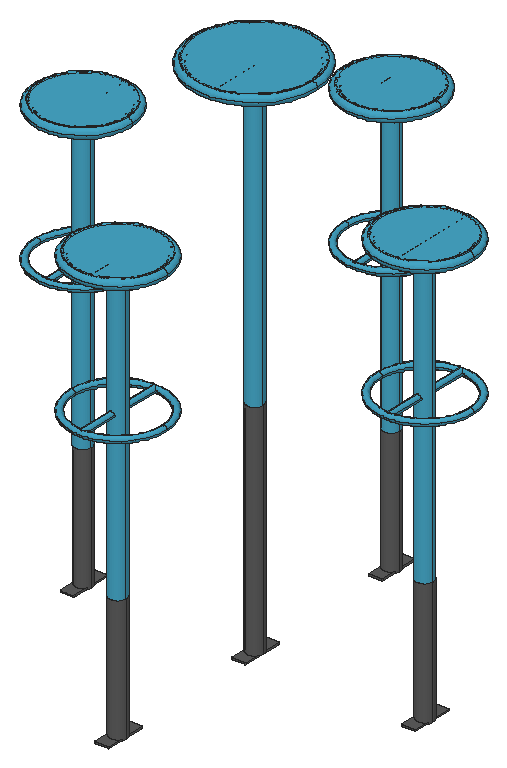
Revit family "product code 61417-F", category Meble, Revit 2021
Family settings
  Numer OmniClass = 23.40.20.00
  Tytuł OmniClass = General Furniture and Specialties
  Oparty na płaszczyźnie roboczej = Nie
  Zawsze pionowo = Tak
  Tnij formami wycięć po wczytaniu = Nie
  Współdzielony = Nie
  Punkt obliczania pomieszczeń = Nie
Parameters (values of type "Sydhavn")
  metal = Kobenhagen RAL 3000
  Width = "155 cm"
  URL = "https://kobenhagen.com/en_US/p/Sydhavn-Bar-Set/248"
  Sit High = "75 cm"
  Product Line = "Sydhavn"
  Product Groups = "Sets"
  Producent = "Lars Laj"
  Keynote = ""
  Opis = "Sydhavn Bar Stool"
  Model = "61417-F"
  Material = "Powder coated steel"
  Maintenance = "We recommend to examine and tighten all screws and bolt clamps after a few weeks’ use. In order to prevent cracks and to extend the life of the wood, it is recommended that the wood details should be oiled every 3-5 years."
  Lenght = "155 cm"
  Type Comments = ""
  Kobenhagen Materials = "larslaj.com/bim"
  Hosted on larslaj.com = "https://larslaj.com/bim"
  Height = "110 cm"
  Domyślna rzędna = 0 mm
  Copyright = "All designs and drawings are the intellectual property of Lars Laj A/S and are protected by Danish and international copyright laws."
Reference planes
  plane 1: z = 0
  plane 2 "Środek (Lewa/Prawa)": x = 0
  plane 3 "Góra": z = 1062.347
  plane 4 "Środek": y = 257.204
Forms (mm)
  Extrusion 1, solid, material "Kobenhagen RAL 3000" <- "metal", not visible
    sketch origin (0, 0, 0) x (0, 1, 0) y (0, 0, 1)
      loop
        arc (71.187, 451.5) -> (57.045, 445.642) -> (51.187, 431.5) r 20
        line (51.187, 431.5) -> (51.187, 18.231)
        arc (51.187, 18.231) -> (56.527, 5.34) -> (69.418, 0) r 18.231
        line (69.418, 0) -> (153.638, 0) -> (153.638, 15) -> (448.638, 15) -> (448.638, 0) -> (527.023, 0)
        arc (527.023, 0) -> (542.307, 6.331) -> (548.638, 21.615) r 21.615
        line (548.638, 21.615) -> (548.638, 429.407)
        arc (548.638, 429.407) -> (542.168, 445.029) -> (526.545, 451.5) r 22.093
        line (526.545, 451.5) -> (71.187, 451.5)
    from 750.378 to 745
  Extrusion 2, solid, material "Kobenhagen RAL 3000" <- "metal", not visible
    sketch origin (0, 0, 0) x (0, 1, 0) y (0, 0, 1)
      loop
        line (548.638, 396.844) -> (629.375, 854.725) -> (601.836, 859.581)
        arc (601.836, 859.581) -> (585.224, 855.898) -> (576.082, 841.547) r 22.232
        line (576.082, 841.547) -> (507.306, 451.5) -> (526.545, 451.5)
        arc (526.545, 451.5) -> (542.168, 445.029) -> (548.638, 429.407) r 22.093
        line (548.638, 429.407) -> (548.638, 396.844)
    from 745 to 750.378
  Extrusion 3, solid, material "Kobenhagen RAL 5012", not visible
    sketch origin (-110.268, -19.702, 0) x (0, -1, 0) y (1, 0, 0)
      loop
        circle (-275.327, -399.004) r 30.15
      loop
        circle (-275.327, -399.004) r 28.15
    from 444.1 to 0
  Extrusion 4, solid, material "Kobenhagen RAL 5012", not visible
    sketch origin (239.004, -16.847, 0) x (1, 0, 0) y (0, 1, 0)
      loop
        line (-699.004, 325.327) -> (-799.004, 325.327) -> (-799.004, 225.327) -> (-699.004, 225.327) -> (-699.004, 325.327)
    from 447.05 to 443.488
  Extrusion 5, solid, material "Painted Black", not visible
    sketch origin (189.004, -23.124, 0) x (1, 0, 0) y (0, 1, 0)
      loop
        line (-722.97, 354.396) -> (-722.97, 210.396)
        arc (-722.97, 210.396) -> (-722.091, 208.274) -> (-719.97, 207.396) r 3
        line (-719.97, 207.396) -> (-675.97, 207.396)
        arc (-675.97, 207.396) -> (-673.849, 208.274) -> (-672.97, 210.396) r 3
        line (-672.97, 210.396) -> (-672.97, 354.396)
        arc (-672.97, 354.396) -> (-673.849, 356.517) -> (-675.97, 357.396) r 3
        line (-675.97, 357.396) -> (-719.97, 357.396)
        arc (-719.97, 357.396) -> (-722.091, 356.517) -> (-722.97, 354.396) r 3
    from -800 to -795
  Extrusion 6, solid, material "Painted Black", not visible
    sketch origin (-110.268, -18.452, 0) x (1, 0, 0) y (0, 1, 0)
      loop
        circle (-399.004, 275.327) r 30.15
      loop
        circle (-399.004, 275.327) r 28.15
    from 0 to -795
Dimensions and locks
  aligned and locked: level to plane 1
Nested families
  nested 1: "product code 61408-F" at (610, -0.39, 0), type "Sydhavn"
  nested 2: "product code 61408-F" at (-610, 0.819, 0), type "Sydhavn"
  nested 3: "product code 61408-F" at (3, -610, 0), type "Sydhavn"
  nested 4: "product code 61408-F" at (3, 610, 0), type "Sydhavn"
  nested 5: "product code 61409-F" at (0, 4.634, 347.4), type "Sydhaven"
Definition of nested family "product code 61408-F"
  Parameters (values of type "Sydhavn")
    metal = none
    Width = "35 cm"
    Weight = "15 kg"
    URL = "https://kobenhagen.com/en_US/p/Sydhavn-Bar-Stool/239"
    Product Line = "Sydhavn"
    Product Groups = "Stools"
    Manufacturer = "Lars Laj"
    Keynote = ""
    Description = "Sydhavn Bar Stool"
    Model = "61408-F"
    Material = "Powder coated steel"
    Maintenance = "We recommend to examine and tighten all screws and bolt clamps after a few weeks’ use. In order to prevent cracks and to extend the life of the wood, it is recommended that the wood details should be oiled every 3-5 years."
    Lenght = "35 cm"
    Type Comments = ""
    Kobenhagen Materials = "larslaj.com/bim"
    Hosted on larslaj.com = "https://larslaj.com/bim"
    Height = "75 cm"
    Default Elevation = 0 mm
    Copyright = "All designs and drawings are the intellectual property of Lars Laj A/S and are protected by Danish and international copyright laws."
  Reference planes
    plane 1: z = 0
    plane 2 "Środek (Lewa/Prawa)": x = 0
    plane 3 "Góra": z = 1062.347
    plane 4 "Środek": y = 257.204
  Forms (mm)
    Extrusion 1, solid, material <- "metal", not visible
      sketch origin (0, 0, 0) x (0, 1, 0) y (0, 0, 1)
        loop
          arc (71.187, 451.5) -> (57.045, 445.642) -> (51.187, 431.5) r 20
          line (51.187, 431.5) -> (51.187, 18.231)
          arc (51.187, 18.231) -> (56.527, 5.34) -> (69.418, 0) r 18.231
          line (69.418, 0) -> (153.638, 0) -> (153.638, 15) -> (448.638, 15) -> (448.638, 0) -> (527.023, 0)
          arc (527.023, 0) -> (542.307, 6.331) -> (548.638, 21.615) r 21.615
          line (548.638, 21.615) -> (548.638, 429.407)
          arc (548.638, 429.407) -> (542.168, 445.029) -> (526.545, 451.5) r 22.093
          line (526.545, 451.5) -> (71.187, 451.5)
      from 750.378 to 745
    Extrusion 2, solid, material <- "metal", not visible
      sketch origin (0, 0, 0) x (0, 1, 0) y (0, 0, 1)
        loop
          line (548.638, 396.844) -> (629.375, 854.725) -> (601.836, 859.581)
          arc (601.836, 859.581) -> (585.224, 855.898) -> (576.082, 841.547) r 22.232
          line (576.082, 841.547) -> (507.306, 451.5) -> (526.545, 451.5)
          arc (526.545, 451.5) -> (542.168, 445.029) -> (548.638, 429.407) r 22.093
          line (548.638, 429.407) -> (548.638, 396.844)
      from 745 to 750.378
    Extrusion 3, solid, material <- "metal"
      sketch origin (396.607, -18.452, 868.765) x (0, -1, 0) y (1, 0, 0)
        loop
          circle (-275.327, -399.004) r 30.15
        loop
          circle (-275.327, -399.004) r 28.15
      from 197.485 to -868.765
    Extrusion 4, solid
      sketch origin (695.879, -21.874, 0) x (1, 0, 0) y (0, 1, 0)
        loop
          line (-722.97, 354.396) -> (-722.97, 210.396)
          arc (-722.97, 210.396) -> (-722.091, 208.274) -> (-719.97, 207.396) r 3
          line (-719.97, 207.396) -> (-675.97, 207.396)
          arc (-675.97, 207.396) -> (-673.849, 208.274) -> (-672.97, 210.396) r 3
          line (-672.97, 210.396) -> (-672.97, 354.396)
          arc (-672.97, 354.396) -> (-673.849, 356.517) -> (-675.97, 357.396) r 3
          line (-675.97, 357.396) -> (-719.97, 357.396)
          arc (-719.97, 357.396) -> (-722.091, 356.517) -> (-722.97, 354.396) r 3
      from -450 to -445
    Extrusion 5, solid
      sketch origin (396.607, -17.202, 868.765) x (1, 0, 0) y (0, 1, 0)
        loop
          circle (-399.004, 275.327) r 30.15
        loop
          circle (-399.004, 275.327) r 28.15
      from -868.765 to -1318.765
    Extrusion 6, solid, material <- "metal"
      sketch origin (581.466, 257.204, 649.062) x (-1, 0, 0) y (0, 0, 1)
        loop
          line (608.966, 447.188) -> (558.966, 447.188) -> (558.966, 417.188) -> (608.966, 417.188) -> (608.966, 447.188)
        loop
          line (606.966, 445.188) -> (560.966, 445.188) -> (560.966, 419.188) -> (606.966, 419.188) -> (606.966, 445.188)
      from -140.698 to 141.902
    Extrusion 7, solid, not visible
      sketch origin (-110.268, -19.702, 0) x (0, -1, 0) y (1, 0, 0)
        loop
          circle (-275.327, -399.004) r 30.15
        loop
          circle (-275.327, -399.004) r 28.15
      from 444.1 to 0
    Extrusion 8, solid, not visible
      sketch origin (239.004, -16.847, 0) x (1, 0, 0) y (0, 1, 0)
        loop
          line (-699.004, 325.327) -> (-799.004, 325.327) -> (-799.004, 225.327) -> (-699.004, 225.327) -> (-699.004, 325.327)
      from 447.05 to 443.488
    Extrusion 9, solid, not visible
      sketch origin (189.004, -23.124, 0) x (1, 0, 0) y (0, 1, 0)
        loop
          line (-722.97, 354.396) -> (-722.97, 210.396)
          arc (-722.97, 210.396) -> (-722.091, 208.274) -> (-719.97, 207.396) r 3
          line (-719.97, 207.396) -> (-675.97, 207.396)
          arc (-675.97, 207.396) -> (-673.849, 208.274) -> (-672.97, 210.396) r 3
          line (-672.97, 210.396) -> (-672.97, 354.396)
          arc (-672.97, 354.396) -> (-673.849, 356.517) -> (-675.97, 357.396) r 3
          line (-675.97, 357.396) -> (-719.97, 357.396)
          arc (-719.97, 357.396) -> (-722.091, 356.517) -> (-722.97, 354.396) r 3
      from -800 to -795
    Extrusion 10, solid, not visible
      sketch origin (-110.268, -18.452, 0) x (1, 0, 0) y (0, 1, 0)
        loop
          circle (-399.004, 275.327) r 30.15
        loop
          circle (-399.004, 275.327) r 28.15
      from 0 to -795
    Extrusion 11, solid, material <- "metal"
      sketch origin (-5.756, 841.663, 649.062) x (0, -1, 0) y (0, 0, 1)
        loop
          line (608.966, 447.188) -> (558.966, 447.188) -> (558.966, 417.188) -> (608.966, 417.188) -> (608.966, 447.188)
        loop
          line (606.966, 445.188) -> (560.966, 445.188) -> (560.966, 419.188) -> (606.966, 419.188) -> (606.966, 445.188)
      from 21.334 to 138.155
    Extrusion 12, solid, material <- "metal"
      sketch origin (5.756, 839.788, 649.062) x (0, -1, 0) y (0, 0, -1)
        loop
          line (608.966, -447.188) -> (608.966, -417.188) -> (558.966, -417.188) -> (558.966, -447.188) -> (608.966, -447.188)
        loop
          line (606.966, -445.188) -> (606.966, -419.188) -> (560.966, -419.188) -> (560.966, -445.188) -> (606.966, -445.188)
      from 14.744 to 132.933
    Extrusion 13, solid, material <- "metal"
      sketch origin (0, 0, 450) x (1, 0, 0) y (0, 1, 0)
        loop
          circle (-2.611, 257.806) r 158.15
      from 647 to 650
    Sweep 14, solid, material <- "metal"
      path origin (0, 0, 0) x (1, 0, 0) y (0, 1, 0)
        loop
          circle (-2.611, 257.806) r 158.15
      profile origin (-2.611, 99.656, 0) x (0, 1, 0) y (0, 0, 1)
        loop
          circle (0, 1083.096) r 16.868
        loop
          circle (0.117, 1083.18) r 15.694
    Sweep 15, solid, material <- "metal"
      path origin (0, 0, -500) x (1, 0, 0) y (0, 1, 0)
        loop
          circle (-2.611, 257.806) r 158.15
      profile origin (-2.611, 99.656, -500) x (0, 1, 0) y (0, 0, 1)
        loop
          circle (-6.147, 1089.35) r 10.703
        loop
          circle (-6.069, 1089.35) r 10
    Extrusion 16, solid, material <- "metal"
      sketch origin (0, 0, 0) x (1, 0, 0) y (0, 0, 1)
        loop
          circle (-2.611, 589.35) r 10.65
        loop
          circle (-2.611, 589.35) r 10
      from -234.932 to -93.48
    Extrusion 17, solid, material <- "metal"
      sketch origin (0, 514.407, 0) x (1, 0, 0) y (0, 0, -1)
        loop
          circle (-2.611, -589.35) r 10.65
        loop
          circle (-2.611, -589.35) r 10
      from -234.932 to -93.48
  Dimensions and locks
    aligned and locked: level to plane 1
Definition of nested family "product code 61409-F"
  Parameters (values of type "Sydhaven")
    metal = none
    Width = "45 cm"
    Weight = "15 kg"
    URL = "https://kobenhagen.com/en_US/p/Sydhavn-Bar-Table-110-cm/240"
    Product Line = "Sydhavn"
    Product Groups = "Stools"
    Manufacturer = "Lars Laj"
    Keynote = ""
    Description = "61409-F\r\nSydhavn\r\nSydhavn Bar Table 110 cm"
    Model = "61409-F"
    Material = "Powder coated steel"
    Maintenance = "We recommend to examine and tighten all screws and bolt clamps after a few weeks’ use. In order to prevent cracks and to extend the life of the wood, it is recommended that the wood details should be oiled every 3-5 years."
    Lenght = "45 cm"
    Type Comments = ""
    Kobenhagen Materials = "larslaj.com/bim"
    Hosted on larslaj.com = "https://larslaj.com/bim"
    Height = "110 cm"
    Default Elevation = 0 mm
    Copyright = "All designs and drawings are the intellectual property of Lars Laj A/S and are protected by Danish and international copyright laws."
  Reference planes
    plane 1: z = 0
    plane 2 "Środek (Lewa/Prawa)": x = 0
    plane 3 "Góra": z = 1062.347
    plane 4 "Środek": y = 257.204
  Forms (mm)
    Extrusion 1, solid, material <- "metal", not visible
      sketch origin (0, 0, 0) x (0, 1, 0) y (0, 0, 1)
        loop
          arc (71.187, 451.5) -> (57.045, 445.642) -> (51.187, 431.5) r 20
          line (51.187, 431.5) -> (51.187, 18.231)
          arc (51.187, 18.231) -> (56.527, 5.34) -> (69.418, 0) r 18.231
          line (69.418, 0) -> (153.638, 0) -> (153.638, 15) -> (448.638, 15) -> (448.638, 0) -> (527.023, 0)
          arc (527.023, 0) -> (542.307, 6.331) -> (548.638, 21.615) r 21.615
          line (548.638, 21.615) -> (548.638, 429.407)
          arc (548.638, 429.407) -> (542.168, 445.029) -> (526.545, 451.5) r 22.093
          line (526.545, 451.5) -> (71.187, 451.5)
      from 750.378 to 745
    Extrusion 2, solid, material <- "metal", not visible
      sketch origin (0, 0, 0) x (0, 1, 0) y (0, 0, 1)
        loop
          line (548.638, 396.844) -> (629.375, 854.725) -> (601.836, 859.581)
          arc (601.836, 859.581) -> (585.224, 855.898) -> (576.082, 841.547) r 22.232
          line (576.082, 841.547) -> (507.306, 451.5) -> (526.545, 451.5)
          arc (526.545, 451.5) -> (542.168, 445.029) -> (548.638, 429.407) r 22.093
          line (548.638, 429.407) -> (548.638, 396.844)
      from 745 to 750.378
    Extrusion 3, solid, material <- "metal"
      sketch origin (396.607, -18.452, 868.765) x (0, -1, 0) y (1, 0, 0)
        loop
          circle (-275.327, -399.004) r 30.15
        loop
          circle (-275.327, -399.004) r 28.15
      from 197.485 to -868.765
    Extrusion 4, solid
      sketch origin (695.879, -21.874, 0) x (1, 0, 0) y (0, 1, 0)
        loop
          line (-722.97, 354.396) -> (-722.97, 210.396)
          arc (-722.97, 210.396) -> (-722.091, 208.274) -> (-719.97, 207.396) r 3
          line (-719.97, 207.396) -> (-675.97, 207.396)
          arc (-675.97, 207.396) -> (-673.849, 208.274) -> (-672.97, 210.396) r 3
          line (-672.97, 210.396) -> (-672.97, 354.396)
          arc (-672.97, 354.396) -> (-673.849, 356.517) -> (-675.97, 357.396) r 3
          line (-675.97, 357.396) -> (-719.97, 357.396)
          arc (-719.97, 357.396) -> (-722.091, 356.517) -> (-722.97, 354.396) r 3
      from -800 to -795
    Extrusion 5, solid
      sketch origin (396.607, -17.202, 868.765) x (1, 0, 0) y (0, 1, 0)
        loop
          circle (-399.004, 275.327) r 30.15
        loop
          circle (-399.004, 275.327) r 28.15
      from -868.765 to -1663.765
    Extrusion 6, solid, material <- "metal"
      sketch origin (581.466, 257.204, 649.062) x (-1, 0, 0) y (0, 0, 1)
        loop
          line (608.966, 447.188) -> (558.966, 447.188) -> (558.966, 417.188) -> (608.966, 417.188) -> (608.966, 447.188)
        loop
          line (606.966, 445.188) -> (560.966, 445.188) -> (560.966, 419.188) -> (606.966, 419.188) -> (606.966, 445.188)
      from -194.556 to 188.044
    Extrusion 7, solid, not visible
      sketch origin (-110.268, -19.702, 0) x (0, -1, 0) y (1, 0, 0)
        loop
          circle (-275.327, -399.004) r 30.15
        loop
          circle (-275.327, -399.004) r 28.15
      from 444.1 to 0
    Extrusion 8, solid, not visible
      sketch origin (239.004, -16.847, 0) x (1, 0, 0) y (0, 1, 0)
        loop
          line (-699.004, 325.327) -> (-799.004, 325.327) -> (-799.004, 225.327) -> (-699.004, 225.327) -> (-699.004, 325.327)
      from 447.05 to 443.488
    Extrusion 9, solid, not visible
      sketch origin (189.004, -23.124, 0) x (1, 0, 0) y (0, 1, 0)
        loop
          line (-722.97, 354.396) -> (-722.97, 210.396)
          arc (-722.97, 210.396) -> (-722.091, 208.274) -> (-719.97, 207.396) r 3
          line (-719.97, 207.396) -> (-675.97, 207.396)
          arc (-675.97, 207.396) -> (-673.849, 208.274) -> (-672.97, 210.396) r 3
          line (-672.97, 210.396) -> (-672.97, 354.396)
          arc (-672.97, 354.396) -> (-673.849, 356.517) -> (-675.97, 357.396) r 3
          line (-675.97, 357.396) -> (-719.97, 357.396)
          arc (-719.97, 357.396) -> (-722.091, 356.517) -> (-722.97, 354.396) r 3
      from -800 to -795
    Extrusion 10, solid, not visible
      sketch origin (-110.268, -18.452, 0) x (1, 0, 0) y (0, 1, 0)
        loop
          circle (-399.004, 275.327) r 30.15
        loop
          circle (-399.004, 275.327) r 28.15
      from 0 to -795
    Extrusion 11, solid, material <- "metal"
      sketch origin (-5.756, 837.913, 649.062) x (0, -1, 0) y (0, 0, 1)
        loop
          line (608.966, 447.188) -> (558.966, 447.188) -> (558.966, 417.188) -> (608.966, 417.188) -> (608.966, 447.188)
        loop
          line (606.966, 445.188) -> (560.966, 445.188) -> (560.966, 419.188) -> (606.966, 419.188) -> (606.966, 445.188)
      from 21.334 to 188.044
    Extrusion 12, solid, material <- "metal"
      sketch origin (5.756, 837.913, 649.062) x (0, -1, 0) y (0, 0, -1)
        loop
          line (608.966, -447.188) -> (608.966, -417.188) -> (558.966, -417.188) -> (558.966, -447.188) -> (608.966, -447.188)
        loop
          line (606.966, -445.188) -> (606.966, -419.188) -> (560.966, -419.188) -> (560.966, -445.188) -> (606.966, -445.188)
      from 14.744 to 183.098
    Extrusion 13, solid, material <- "metal"
      sketch origin (0, 0, 450) x (1, 0, 0) y (0, 1, 0)
        loop
          circle (-3.097, 254.602) r 208.823
      from 647 to 650
    Sweep 14, solid, material <- "metal"
      path origin (0, 0, 0) x (1, 0, 0) y (0, 1, 0)
        loop
          circle (-3.097, 254.602) r 208.823
      profile origin (-3.097, 45.779, 0) x (0, 1, 0) y (0, 0, 1)
        loop
          circle (0, 1083.096) r 16.868
        loop
          circle (0.117, 1083.18) r 15.694
  Dimensions and locks
    aligned and locked: level to plane 1
